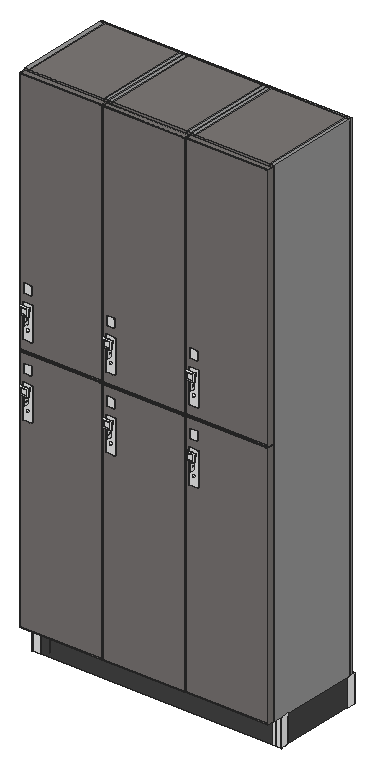
Revit family "Wood_Lockers_Hasps-Salsbury_Industries-42000_Series-3_Wide_Units.rfa", category Specialty Equipment, Revit 2016 (continued)
Types (7): name | Unit Height including Sloping Hood Only | Unit Height including Base Only | Sloping Hood Height | Overall Unit Height including Base and Sloping Hood | Model | Flat Top In-Line Filler - Right Side | Description | Depth | Compartment Depth | Base Height | Base Depth | Base
  42368 - without Base | 78.868" | 72.000" | 6.868" | 78.868" | "42368 without Base" | Wood Locker Sloping In-Line Fillers : None | "3 Wide - 6 Feet High - 18 inches Deep - without Base" | 18.000" | 16.750" | 0.000" | 16.250" | Wood Locker Bases : None
  42361 | 79.993" | 76.000" | 7.993" | 83.993" | "42361" | Wood Locker Sloping In-Line Fillers : None | "3 Wide - 6 Feet High - 21 inches Deep - with Base" | 21.000" | 19.750" | 4.000" | 19.250" | Wood Locker Bases : Base - 36" W x 21" D Lockers
  42361 - without Base | 79.993" | 72.000" | 7.993" | 79.993" | "42361 without Base" | Wood Locker Sloping In-Line Fillers : None | "3 Wide - 6 Feet High - 21 inches Deep - without Base" | 21.000" | 19.750" | 0.000" | 19.250" | Wood Locker Bases : None
